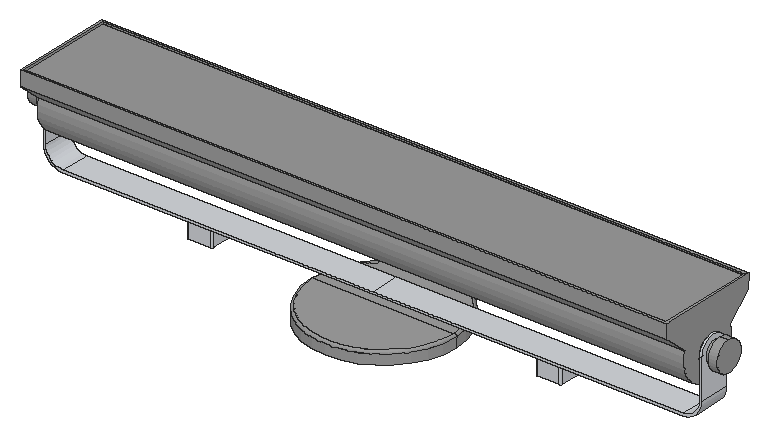
Revit family "Alcon-13126-20-RM-Revit-Family", category Generic Models, host Face, Revit 2025
Family settings
  Host = Face
  Can host rebar = No
  Round Connector Dimension = Use Diameter
  Part Type = Normal
  Cut with Voids When Loaded = No
  Maintain Annotation Orientation = No
  Shared = No
  Room Calculation Point = No
Parameters
  URL = "https://www.alconlighting.com/?srsltid=AfmBOooDPhGQ0dEP-X2PMtxFfvvWpIAEL4jCll_O2F4_to5onvhnBomy"
  Product Page URL = "https://www.alconlighting.com/13126-26.html"
  Model = "13126-26"
  Manufacturer = "ALCON Lighter"
  Housing = Default
  Fixture Rotation = 90.00°
  Default Elevation = 4' - 0"
Reference planes (in)
  plane 1 "Center (Front/Back)": y = 0
  plane 2: z = 0
  plane 3 "Center (Left/Right)": x = 0
  plane 4: z = 2.21166
Forms (in)
  Extrusion 1, solid
    sketch origin (0, 0.03835, 2.57435) x (1, 0, 0) y (0, 0, -1)
      loop
        line (0, 1.64916) -> (9.1288, 1.64916)
        arc (9.1288, 1.64916) -> (9.48235, 1.50272) -> (9.6288, 1.14916) r 0.5
        line (9.6288, 1.14916) -> (9.6288, -0.50555) -> (9.6913, -0.50555) -> (9.6913, 1.14824)
        arc (9.6913, 1.14824) -> (9.52627, 1.54664) -> (9.12787, 1.71166) r 0.56342
        line (9.12787, 1.71166) -> (0, 1.71166) -> (-9.10341, 1.71166)
        arc (-9.10341, 1.71166) -> (-9.50181, 1.54664) -> (-9.66683, 1.14824) r 0.56342
        line (-9.66683, 1.14824) -> (-9.66683, -0.50546) -> (-9.60433, -0.50546) -> (-9.60433, 1.14916)
        arc (-9.60433, 1.14916) -> (-9.45788, 1.50272) -> (-9.10433, 1.64916) r 0.5
        line (-9.10433, 1.64916) -> (0, 1.64916)
    from -0.47585 to 0.39915
  Extrusion 2, solid
    sketch origin (5.125, 0, 0.86269) x (-1, 0, 0) y (0, 1, 0)
      loop
        arc (-0.375, -0.3125) -> (-0.35669, -0.35669) -> (-0.3125, -0.375) r 0.0625
        line (-0.3125, -0.375) -> (0.3125, -0.375)
        arc (0.3125, -0.375) -> (0.35669, -0.35669) -> (0.375, -0.3125) r 0.0625
        line (0.375, -0.3125) -> (0.375, 0.3125)
        arc (0.375, 0.3125) -> (0.35669, 0.35669) -> (0.3125, 0.375) r 0.0625
        line (0.3125, 0.375) -> (-0.3125, 0.375)
        arc (-0.3125, 0.375) -> (-0.35669, 0.35669) -> (-0.375, 0.3125) r 0.0625
        line (-0.375, 0.3125) -> (-0.375, -0.3125)
    from 0 to 0.5
  Extrusion 3, void
    sketch origin (0, 0, 0.36269) x (0, -1, 0) y (0, 0, 1)
      loop
        arc (-0.4375, 2.21166) -> (0, 2.64916) -> (0.4375, 2.21166) r 0.4375
        line (0.4375, 2.21166) -> (0.4375, 0.3496) -> (0.5625, 0.3496) -> (0.5625, 2.77416) -> (-0.5625, 2.77416) -> (-0.5625, 0.3496) -> (-0.4375, 0.3496) -> (-0.4375, 2.21166)
    from -13.50258 to 13.66502
  Extrusion 4, solid
    sketch origin (-5.125, 0, 0.86269) x (-1, 0, 0) y (0, 1, 0)
      loop
        arc (-0.375, -0.3125) -> (-0.35669, -0.35669) -> (-0.3125, -0.375) r 0.0625
        line (-0.3125, -0.375) -> (0.3125, -0.375)
        arc (0.3125, -0.375) -> (0.35669, -0.35669) -> (0.375, -0.3125) r 0.0625
        line (0.375, -0.3125) -> (0.375, 0.3125)
        arc (0.375, 0.3125) -> (0.35669, 0.35669) -> (0.3125, 0.375) r 0.0625
        line (0.3125, 0.375) -> (-0.3125, 0.375)
        arc (-0.3125, 0.375) -> (-0.35669, 0.35669) -> (-0.375, 0.3125) r 0.0625
        line (-0.375, 0.3125) -> (-0.375, -0.3125)
    from 0 to 0.5
  Revolve 5, solid, material "Default" <- "Housing"
    sketch origin (0, -0.02275, 0) x (1, 0, 0) y (0, 0, 1)
      loop
        line (0, 0) -> (2.14067, 0) -> (2.14067, 0.29309)
        arc (2.14067, 0.29309) -> (2.11968, 0.34376) -> (2.069, 0.36475) r 0.07166
        line (2.069, 0.36475) -> (0, 0.36475) -> (0, 0)
      axis (0, 0) -> (0, 0.36475)
    angle from 0 to 360
Cuts and joins
  Extrusion 3 cuts Extrusion 1
Lines and regions (in)
  model lines
    curve 1: line (-151.5, 0, -3.25) -> (-151.5, 0, -9)
Dimensions and locks (in)
  "Fixture Rotation": angle nested 1 to plane 4
  aligned and locked: plane 2 to host face
  aligned and locked: level to host face
Automatic sketch dimensions
  curve 1 to level = 0' - 9"
  curve 1 to plane 3 "Center (Left/Right)" = 12' - 7 1/2"
  curve 1 to level = 0' - 3 1/4"
  host sketch curve to host sketch curve = 8' - 0"  (x2)
  Extrusion 1 sketch curve to plane 3 "Center (Left/Right)" = 0' - 0"  (x2)
  level to Extrusion 1 sketch curve = 0' - 0.86269"
  Extrusion 1 sketch curve to plane 3 "Center (Left/Right)" = 0' - 9.10341"
  Extrusion 1 sketch curve to Extrusion 1 sketch curve = 0' - 0.00092"  (x3)
  Extrusion 1 sketch curve to Extrusion 1 sketch curve = 0' - 0 1/2"
  Extrusion 1 sketch curve to Extrusion 1 sketch curve = 0' - 0 1/16"  (x2)
  level to Extrusion 1 sketch curve = 0' - 1.42611"
  plane 3 "Center (Left/Right)" to Extrusion 1 sketch curve = 0' - 9.12787"
  Extrusion 1 sketch curve to plane 4 = 0' - 0.86815"
  Extrusion 1 sketch curve to plane 4 = 0' - 0.86824"
  plane 1 "Center (Front/Back)" to Extrusion 2 sketch curve = 0' - 0 5/16"
  plane 3 "Center (Left/Right)" to Extrusion 2 sketch curve = 0' - 5 1/2"
  Extrusion 2 sketch curve to Extrusion 2 sketch curve = 0' - 0 1/16"  (x3)
  Extrusion 2 sketch curve to plane 1 "Center (Front/Back)" = 0' - 0 5/16"
  Extrusion 2 sketch curve to Extrusion 2 sketch curve = 0' - 0 5/8"  (x2)
  Extrusion 3 sketch curve to plane 4 = 0' - 0.36269"
  Extrusion 3 sketch curve to plane 1 "Center (Front/Back)" = 0' - 0"
  Extrusion 3 sketch curve to plane 1 "Center (Front/Back)" = 0' - 0 7/16"
  Extrusion 3 sketch curve to Extrusion 3 sketch curve = 0' - 0 1/8"
  plane 1 "Center (Front/Back)" to Extrusion 3 sketch curve = 0' - 0 9/16"
  level to Extrusion 3 sketch curve = 0' - 0.71228"  (x2)
  Extrusion 3 sketch curve to plane 4 = 0' - 0.92519"
  plane 1 "Center (Front/Back)" to Extrusion 4 sketch curve = 0' - 0 5/16"
  Extrusion 4 sketch curve to plane 3 "Center (Left/Right)" = 0' - 4 3/4"
  Extrusion 4 sketch curve to Extrusion 4 sketch curve = 0' - 0 1/16"  (x3)
  Extrusion 4 sketch curve to plane 1 "Center (Front/Back)" = 0' - 0 5/16"
  Extrusion 4 sketch curve to Extrusion 4 sketch curve = 0' - 0 5/8"  (x2)
  Revolve 5 sketch curve to level = 0' - 0"  (x2)
  Revolve 5 sketch curve to plane 3 "Center (Left/Right)" = 0' - 0"  (x2)
  level to Revolve 5 sketch curve = 0' - 0.29309"
  plane 3 "Center (Left/Right)" to Revolve 5 sketch curve = 0' - 2.069"
  Revolve 5 sketch curve to Revolve 5 sketch curve = 0' - 0.07166"
  plane 4 to Revolve 5 sketch curve = 0' - 0.21166"
Nested families (in)
  nested 1: "Alcon - 13126-20 Box_" at (0, 0, 2.57435) x (0, 0, -1) z (1, 0, 0), type "Alcon - 13126-20 Box_"
    with built-in parameter 1001306 0.69472 (stored number, unit not read)
Definition of nested family "Alcon - 13126-20 Box_"
  Parameters (values of type "Alcon - 13126-20 Box_")
    Wattage = 9.2903 W
    built-in parameter 1150110 = 1 (stored number, unit not read)
    built-in parameter 1114217 = 1 (stored number, unit not read)
    Tilt Angle = 60.00°
    built-in parameter 1150109 = 1 (stored number, unit not read)
    built-in parameter 1150134 = 3
    built-in parameter 1150113 = 1 (stored number, unit not read)
    built-in parameter 1010507 = 1.5708 (stored number, unit not read)
    built-in parameter 1010506 = 0.5236 (stored number, unit not read)
    built-in parameter 1150105 = 4614.1 (stored number, unit not read)
    Lumens = 1380 lm
    built-in parameter 1150115 = 1 (stored number, unit not read)
    Light Source Symbol Length = 10' - 0"
    built-in parameter 1150137 = (empty or 0)
    built-in parameter 1150139 = (empty or 0)
    built-in parameter 1001306 [instance] = 4' - 0"
    built-in parameter 1150112 = 1 (stored number, unit not read)
    built-in parameter 1150114 = 1 (stored number, unit not read)
    built-in parameter 1150132 = (empty or 0)
    built-in parameter 1150102 = (empty or 0)
    built-in parameter 1150107 = 3200 (stored number, unit not read)
    built-in parameter 1150138 = (empty or 0)
    built-in parameter 1150106 = 46.141 (stored number, unit not read)
    Glass Frosted = none
    built-in parameter 1150104 = 13.8 (stored number, unit not read)
    Dimming Lamp Color Temperature Shift = (empty or 0)
    Default Elevation = 0' - 0"
    Color Filter = 16777215
    Body = none
    built-in parameter 1114218 = 1 (stored number, unit not read)
    built-in parameter 1150133 = 10 (stored number, unit not read)
  Reference planes (in)
    plane 1 "Center (Front/Back)": y = 0
    plane 2: z = 0
    plane 3 "Left": x = 0
    plane 4 "Right": x = 48
  Forms (in)
    Extrusion 1, solid, material <- "Body"
      sketch origin (0, -0.82692, 2.54268) x (0, -1, 0) y (1, 0, 0)
        loop
          line (0.67308, -1.3125) -> (0.67308, -0.875) -> (0, -0.28606)
          arc (0, -0.28606) -> (-0.82692, 0.875) -> (-1.65384, -0.28606) r 0.875
          line (-1.65384, -0.28606) -> (-2.32692, -0.875) -> (-2.32692, -1.3125) -> (0.67308, -1.3125)
      from -12.04268 to 6.95732
    Extrusion 2, void
      sketch origin (0, 0, 0) x (1, 0, 0) y (0, 1, 0)
        loop
          line (-1.375, 1.4375) -> (-1.375, -1.4375) -> (-0.90336, -1.4375) -> (-0.30463, -0.75323) -> (-0.30463, 0.75323) -> (-0.90336, 1.4375) -> (-1.375, 1.4375)
      from -9.4375 to 9.4375
    Extrusion 3, solid, material <- "Glass Frosted"
      sketch origin (0, 0, 0) x (0, 1, 0) y (0, 0, 1)
        loop
          line (1.4375, 9.4375) -> (-1.4375, 9.4375) -> (-1.4375, -9.4375) -> (1.4375, -9.4375) -> (1.4375, 9.4375)
      from -1.26766 to -1.2223
    Extrusion 4, solid, material <- "Body"
      sketch origin (0, 0, 0) x (1, 0, 0) y (0, 1, 0)
        loop
          circle (0, 0) r 0.4375
      from -10.125 to 10.125
    Extrusion 5, void
      sketch origin (0, 0, 0) x (1, 0, 0) y (0, 1, 0)
        loop
          circle (0, 0) r 0.4375
        loop
          circle (0, 0) r 0.3125
      from -9.875 to 9.875
  Cuts and joins
    Extrusion 2 cuts Extrusion 1
    Extrusion 5 cuts Extrusion 4
  Lines and regions (in)
    reference lines
      curve 1: line (0, 0, 0) -> (48, 0, 0)
    model lines
      curve 2: line (0, 0, 0) -> (-13.25, 0, 0)
      curve 3: line (0, 0, 0) -> (-13.25, 0, 0)
      curve 4: line (0, 0, 0) -> (-13.25, 0, 0)
  Dimensions and locks (in)
    "built-in parameter 1001306": plane 3 "Left" to plane 4 "Right"
    cut or joined group of Extrusion 1, Extrusion 2 to Extrusion 3 = 1' - 6 15/16"
    aligned and locked: plane 4 "Right" to curve 1
    aligned and locked: plane 1 "Center (Front/Back)" to curve 1
    aligned and locked: plane 3 "Left" to curve 1
    aligned and locked: level to plane 2
  Automatic sketch dimensions
    Extrusion 1 sketch curve to Extrusion 1 sketch curve = 0' - 0.67308"  (x2)
    Extrusion 1 sketch curve to Extrusion 1 sketch curve = 0' - 0.82692"
    Extrusion 1 sketch curve to Extrusion 1 sketch curve = 0' - 0 7/16"
    plane 1 "Center (Front/Back)" to Extrusion 1 sketch curve = 0' - 0"
    Extrusion 1 sketch curve to plane 3 "Left" = 0' - 0"
    Extrusion 1 sketch curve to plane 3 "Left" = 0' - 0.28606"
    plane 1 "Center (Front/Back)" to Extrusion 1 sketch curve = 0' - 0.82692"
    Extrusion 1 sketch curve to plane 3 "Left" = 0' - 0 7/8"  (x2)
    Extrusion 2 sketch curve to plane 3 "Left" = 0' - 0.30463"
    Extrusion 2 sketch curve to plane 3 "Left" = 0' - 0.90336"  (x2)
    Extrusion 2 sketch curve to Extrusion 2 sketch curve = 0' - 0.47164"
    plane 1 "Center (Front/Back)" to Extrusion 2 sketch curve = 0' - 0.75323"
    Extrusion 2 sketch curve to Extrusion 2 sketch curve = 0' - 0.68427"  (x2)
    Extrusion 2 sketch curve to plane 1 "Center (Front/Back)" = 0' - 0.75323"
    Extrusion 3 sketch curve to plane 1 "Center (Front/Back)" = 0' - 1 7/16"
    level to Extrusion 3 sketch curve = 0' - 9 7/16"
    plane 1 "Center (Front/Back)" to Extrusion 3 sketch curve = 0' - 1 7/16"
    Extrusion 3 sketch curve to level = 0' - 9 7/16"
    plane 1 "Center (Front/Back)" to curve 2 = 0' - 0"
    curve 2 to plane 3 "Left" = 0' - 0"
    curve 2 to curve 2 = 1' - 1 1/4"
    plane 1 "Center (Front/Back)" to Extrusion 4 sketch curve = 0' - 0"
    Extrusion 4 sketch curve to plane 3 "Left" = 0' - 0"
    curve 3 to plane 3 "Left" = 0' - 0"
    plane 1 "Center (Front/Back)" to Extrusion 5 sketch curve = 0' - 0"
    Extrusion 5 sketch curve to plane 3 "Left" = 0' - 0"
    Extrusion 5 sketch curve to Extrusion 5 sketch curve = 0' - 0 7/16"
    Extrusion 5 sketch curve to Extrusion 5 sketch curve = 0' - 0"  (x2)
    Extrusion 5 sketch curve to Extrusion 5 sketch curve = 0' - 0 1/8"
    plane 1 "Center (Front/Back)" to curve 3 = 0' - 0"
    curve 3 to curve 2 = 0' - 0"
    curve 4 to plane 3 "Left" = 0' - 0"
    plane 1 "Center (Front/Back)" to curve 4 = 0' - 0"
    curve 4 to curve 3 = 0' - 0"
    radius of Extrusion 4 sketch curve = 0' - 0 7/16"
